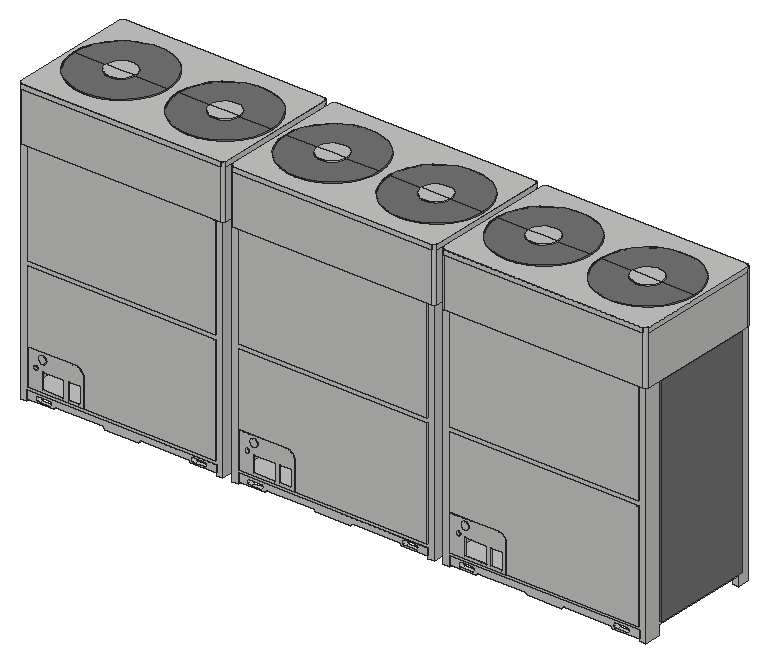
Revit family "Heat_Pump-Split_System-Outdoor-JCI-Triple_Unit-32-36 _ton-Heat_Recovery", category Mechanical Equipment, Revit 2014
Parameters (values of type "208v - 32 ton Cooling Capacity")
  Width = 30 1/2"
  Voltage = 208 V
  Visibility 2 = Total Cooling Capacity > 46356.7 VA  # yes
  Visibility 1 = Total Cooling Capacity > 21101.1 VA  # yes
  Unit Separation [instance] = 13/16"
  URL = "www.johnsoncontrols.com"
  Type Comments = "208v - 32 ton Cooling Capacity"
  Total Heating Capacity = 432000.0 Btu/h
  Total Cooling Capacity = 384000.0 Btu/h
  Sub Unit 2 Model = "(H,Y)VAHR120B32S"
  Sub Unit 2 Length = 48 5/8"
  Sub Unit 2 Knockout Power 2 [instance] = no
  Sub Unit 2 Knockout Power 3 [instance] = no
  Sub Unit 2 Knockout Power 1 [instance] = yes
  Sub Unit 2 Knockout Front [instance] = yes
  Sub Unit 2 Knockout Bottom [instance] = not(Sub Unit 2 Knockout Front)  # no
  Sub Unit 2 KO Power X Offset Label [instance] = if(Sub Unit 2 Knockout Power 1, Sub Unit 2 KO Power X Offset 1, if(Sub Unit 2 Knockout Power 2, Sub Unit 2 KO Power X Offset 2, if(Sub Unit 2 Knockout Power 3, Sub Unit 2 KO Power X Offset 3, 0")))  # 5 3/16"
  Sub Unit 2 KO Power X Offset 3 = 10 15/16"
  Sub Unit 2 KO Power X Offset 2 = 8 3/8"
  Sub Unit 2 KO Power X Offset 1 = 5 3/16"
  Sub Unit 2 KO Power Radius [instance] = Sub Unit 2 KO Power Diameter / 2  # 7/8"
  Sub Unit 2 KO Power Diameter [instance] = if(Sub Unit 2 Knockout Power 1, 1 3/4", if(Sub Unit 2 Knockout Power 2, 1 3/8", 7/8"))  # 1 3/4"
  Sub Unit 2 KO Controls X Offset = 3 5/8"
  Sub Unit 2 DX Suction Gas X Offset = 9 7/16"
  Sub Unit 2 DX Suction Gas Radius = Sub Unit 2 DX Suction Gas Diameter / 2  # 7/16"
  Sub Unit 2 DX Suction Gas Diameter = 7/8"
  Sub Unit 2 DX Liquid X Offset = 7 3/8"
  Sub Unit 2 DX Liquid Radius = Sub Unit 2 DX Liquid Diameter / 2  # 1/4"
  Sub Unit 2 DX Liquid Diameter = 1/2"
  Sub Unit 2 DX Discharge Gas X Offset = 12 11/16"
  Sub Unit 2 DX Discharge Gas Radius = Sub Unit 2 DX Discharge Gas Diameter / 2  # 9/16"
  Sub Unit 2 DX Discharge Gas Diameter = 1 1/8"
  Sub Unit 2 = Heat_Pump-Split_System-Outdoor-JCI-Single_Unit-6-16 _ton-Heat_Recovery to be nested : 10 ton Cooling Capacity
  Sub 2 Minimum Circuit Current = 46 A
  Sub 2 Maximum Overcurrent Protection = 60 A
  Shroud Radius = Shroud Diameter / 2  # 14 3/8"
  Shroud Diameter = if(and(Total Cooling Capacity < 48356.7 VA, Total Cooling Capacity > 21101.1 VA), 22", 28 3/4")  # 28 3/4"
  Refrigerant Used = "R410A"
  Product Page URL = ""
  Product Name = "(H,Y)VAHR384B32S"
  Product Documentation Link = ""
  Power Factor = 0.8
  Pipe Material = Metal - JCI - Brass SU
  Phase = 3
  Panel 2 Width = 15 9/32"  # constant formula
  Operating Weight = 2165.00 lbf
  Offset = 0"
  Number of Poles = 3
  Model = Product Name  # "(H,Y)VAHR384B32S"
  Main Unit Model = "(H,Y)VAHR144B32S"
  Main Maximum Overcurrent Protection = 70 A
  Main Minimum Circuit Current = 58 A
  Manufacturer = "Johnson Controls Incorporated"
  Load Classification = HVAC
  Length 9 [instance] = if(Clearance Zones, Clearance Top, 0")  # 0"
  Length 8 [instance] = if(Clearance Zones, Clearance Back, 0")  # 0"
  Length 7 [instance] = if(Clearance Zones, Clearance Front, 0")  # 0"
  Length 6 [instance] = if(Clearance Zones, Clearance Right, 0")  # 0"
  Length 5 [instance] = if(Clearance Zones, Clearance Left, 0")  # 0"
  Length 4 = Height - 1"  # 65 1/4"
  Length 3 = 5/32"
  Length 2 = 0.063"
  Length 1 = 11/16"
  Length [instance] = Main Unit Length + Unit Separation * 2 + Sub Unit 1 Length + Sub Unit 2 Length  # 147 1/2"
  Main Unit KO Power X Offset 3 = 10 15/16"
  Main Unit KO Power X Offset 2 = 8 3/8"
  Main Unit KO Power X Offset 1 = 5 3/16"
  Main Unit KO Controls X Offset = 3 5/8"
  KO Controls Radius = KO Controls Diameter / 2  # 7/16"
  KO Controls Diameter = 7/8"
  Main Unit KO Power X Offset Label [instance] = if(Main Unit Knockout Power 1, Main Unit KO Power X Offset 1, if(Main Unit Knockout Power 2, Main Unit KO Power X Offset 2, if(Main Unit Knockout Power 3, Main Unit KO Power X Offset 3, 0")))  # 5 3/16"
  Main Unit KO Power Radius [instance] = Main Unit KO Power Diameter / 2  # 7/8"
  Main Unit KO Power Diameter [instance] = if(Main Unit Knockout Power 1, 1 3/4", if(Main Unit Knockout Power 2, 1 3/8", 7/8"))  # 1 3/4"
  Main Unit Length = 48 5/8"
  Main Unit = Heat_Pump-Split_System-Outdoor-JCI-Single_Unit-6-16 _ton-Heat_Recovery to be nested : 12 ton Cooling Capacity
  Main Unit Knockout Power 3 [instance] = no
  Main Unit Knockout Power 2 [instance] = no
  Main Unit Knockout Power 1 [instance] = yes
  Length 11 [instance] = if(Main Unit Knockout Bottom, 9 13/16", 9 15/16")  # 9 15/16"
  Main Unit Knockout Front [instance] = yes
  Main Unit Knockout Bottom [instance] = not(Main Unit Knockout Front)  # no
  Height = 66 1/4"
  Grille Material = Metal - JCI - Grille Square SU
  Frequency = 60 Hz
  Sub Unit 1 Model = "(H,Y)VAHR120B32S"
  Sub Unit 1 KO Controls X Offset = 3 5/8"
  Sub Unit 1 DX Suction Gas Radius = Sub Unit 1 DX Suction Gas Diameter / 2  # 7/16"
  Sub Unit 1 Length = 48 5/8"
  Sub Unit 1 Knockout Power 3 [instance] = no
  Sub Unit 1 Knockout Power 2 [instance] = no
  Sub Unit 1 Knockout Power 1 [instance] = yes
  Sub Unit 1 Knockout Front [instance] = yes
  Sub Unit 1 Knockout Bottom [instance] = not(Sub Unit 1 Knockout Front)  # no
  Sub Unit 1 KO Power X Offset Label [instance] = if(Sub Unit 1 Knockout Power 1, Sub Unit 1 KO Power X Offset 1, if(Sub Unit 1 Knockout Power 2, Sub Unit 1 KO Power X Offset 2, if(Sub Unit 1 Knockout Power 3, Sub Unit 1 KO Power X Offset 3, 0")))  # 5 3/16"
  Sub Unit 1 KO Power X Offset 3 = 10 15/16"
  Sub Unit 1 KO Power X Offset 2 = 8 3/8"
  Sub Unit 1 KO Power X Offset 1 = 5 3/16"
  Sub Unit 1 KO Power Radius [instance] = Sub Unit 1 KO Power Diameter / 2  # 7/8"
  Sub Unit 1 KO Power Diameter [instance] = if(Sub Unit 1 Knockout Power 1, 1 3/4", if(Sub Unit 1 Knockout Power 2, 1 3/8", 7/8"))  # 1 3/4"
  Sub Unit 1 DX Suction Gas X Offset = 9 7/16"
  Sub Unit 1 DX Suction Gas Diameter = 7/8"
  Sub Unit 1 DX Liquid X Offset = 7 3/8"
  Sub Unit 1 DX Liquid Radius = Sub Unit 1 DX Liquid Diameter / 2  # 1/4"
  Sub Unit 1 DX Liquid Diameter = 1/2"
  Sub Unit 1 DX Discharge Gas Radius = Sub Unit 1 DX Discharge Gas Diameter / 2  # 9/16"
  Sub Unit 1 DX Discharge Gas Diameter = 1 1/8"
  Sub Unit 1 DX Discharge Gas X Offset = 12 11/16"
  Sub Unit 1 = Heat_Pump-Split_System-Outdoor-JCI-Single_Unit-6-16 _ton-Heat_Recovery to be nested : 10 ton Cooling Capacity
  Sub 1 Minimum Circuit Current = 46 A
  Sub 1 Maximum Overcurrent Protection = 60 A
  Description = "Outdoor Triple Unit Variable Refrigerant Flow with Heat Recovery"
  Main Unit DX Suction Gas X Offset = 9 7/16"
  Main Unit DX Suction Gas Radius = Main Unit DX Suction Gas Diameter / 2  # 7/16"
  Main Unit DX Suction Gas Diameter = 7/8"
  DX Liquid Z Offset = 10 11/32"
  DX Liquid Y Offset = 5 3/16"
  Main Unit DX Liquid X Offset = 7 3/8"
  Main Unit DX Liquid Radius = Main Unit DX Liquid Diameter / 2  # 5/16"
  Main Unit DX Liquid Diameter = 5/8"
  DX Gas Z Offset = 6 25/32"
  DX Gas Y Offset = 5 31/32"
  Main Unit DX Discharge Gas X Offset = 12 11/16"
  Main Unit DX Discharge Gas Radius = Main Unit DX Discharge Gas Diameter / 2  # 9/16"
  Main Unit DX Discharge Gas Diameter = 1 1/8"
  Copyright © = "Copyright © 2001-2017 Johnson Controls"  # constant formula
  Clearance Zones [instance] = no
  Clearance Top = 59 1/2"
  Clearance Right = 7 7/8"
  Clearance Material = Clearance Zones
  Clearance Left = 7 7/8"
  Clearance Front = 19 11/16"
  Clearance Back = 11 13/16"
  Body Material = Paint - JCI - Silky Shade SU
  Body Inset = 5/16"
  Base Material = Metal - JCI - Base Steel SU
  Assembly Code = "D3030200"
  Apparent Load 3 = Voltage * Sub 2 Minimum Circuit Current / Power Factor  # 11960 VA
  Apparent Load 2 = Voltage * Sub 1 Minimum Circuit Current / Power Factor  # 11960 VA
  Apparent Load 1 = Voltage * Main Minimum Circuit Current / Power Factor  # 15080 VA
Reference planes (in)
  plane 1 "Center (Front/Back)": y = 0
  plane 2: z = 0
  plane 3 "Center (Left/Right)": x = 0
  plane 4 "Left": x = -73.75
  plane 5 "Right": x = 73.75
  plane 6 "Back": y = 15.25
  plane 7 "Front": y = -15.25
  plane 8 "lid left": x = -73.4375
  plane 9 "Bottom": z = 0
  plane 10 "Top": z = 66.25
  plane 11 "body 1 left": x = -73.125
  plane 12 "panel front": y = -15.0005
  plane 13 "fan top": z = 66.5
  plane 14 "clearance back": y = 15.25
  plane 15 "clearance front": y = -15.25
  plane 16 "clearance left": x = -73.75
  plane 17 "clearance right": x = 73.75
  plane 18 "clearance top": z = 66.25
  plane 19: y = 0.05208
  plane 20 "dx liquid x cl": x = -65.75
  plane 21 "dx gas suction x cl": x = -63.6875
  plane 22 "dx gas discharge x cl": x = -60.4375
  plane 23 "dx liquid y cl": y = -10.0625
  plane 24 "dx gas y cl": y = -9.28125
  plane 25 "dx gas z bottom": z = 6.78125
  plane 26 "dx liquid z bottom": z = 10.34375
  plane 27 "front dummy": y = -15.25
  plane 28 "header right": x = -25.125
  plane 29 "follower left": x = -24.3125
  plane 30 "lid 2 left": x = -24
  plane 31 "body 2 left": x = -23.6875
  plane 32: x = -16.3125
  plane 33: x = -14.25
  plane 34: x = -11
  plane 35: x = 24.3125
  plane 36 "follower 2 left": x = 25.125
  plane 37: x = 32.5
  plane 38: x = 34.5625
  plane 39: x = 37.8125
  plane 40 "follower 2 body left": x = 25.75
  plane 41: x = 25.4375
Forms (in)
  Extrusion 1, solid, material "Clearance Zones" <- "Clearance Material", visible <- "Clearance Zones"
    sketch origin (0, 0, 0) x (-1, 0, 0) y (0, -1, 0)
      loop
        line (73.75, -15.25) -> (73.75, 15.25) -> (-73.75, 15.25) -> (-73.75, -15.25) -> (73.75, -15.25)
    from 0 to 66.25
  Extrusion 2, solid, material "Metal - JCI - Brass SU" <- "Pipe Material", detail levels medium+fine
    sketch origin (-60.79778, -180, 6.78125) x (-1, 0, 0) y (0, -1, 0)
      loop
        circle (2.88972, -170.71875) r 0.4375
      loop
        circle (-0.36028, -170.71875) r 0.5625
      loop
        circle (-46.54778, -170.71875) r 0.4375
      loop
        circle (-49.79778, -170.71875) r 0.5625
      loop
        circle (-95.36028, -170.71875) r 0.4375
      loop
        circle (-98.61028, -170.71875) r 0.5625
    from 0 to 4.71625
  Extrusion 3, solid, material "Metal - JCI - Brass SU" <- "Pipe Material", detail levels medium+fine
    sketch origin (-60.79778, -180, 10.34375) x (-1, 0, 0) y (0, -1, 0)
      loop
        circle (4.95222, -169.9375) r 0.3125
      loop
        circle (-44.48528, -169.9375) r 0.25
      loop
        circle (-93.29778, -169.9375) r 0.25
    from 1.15375 to 0
  Extrusion 4, solid, material "Paint - JCI - Silky Shade SU" <- "Body Material", detail levels medium+fine
    sketch origin (-38.06929, -15.0005, 48) x (-1, 0, 0) y (0, 0, 1)
      loop
        circle (31.43071, -40.1875) r 0.4375
      loop
        circle (29.86821, -38.0625) r 0.875
      loop
        circle (-18.00679, -40.1875) r 0.4375
      loop
        circle (-19.56929, -38.0625) r 0.875
      loop
        circle (-67.44429, -40.1875) r 0.4375
      loop
        circle (-69.00679, -38.0625) r 0.875
    from 0 to 1
Lines and regions (in)
  Masking region 1, detail levels coarse
    outline origin (0, 0, 0) x (1, 0, 0) y (0, 0, 1)
      loop
        line (-73.75, 66.5) -> (-73.75, 0) -> (73.75, 0) -> (73.75, 66.5) -> (-73.75, 66.5)
  symbolic lines, style "Clearance Zones", visible <- "Clearance Zones"
    curve 1: line (-73.75, 15.25, 53.62) -> (73.75, 15.25, 53.62)
    curve 2: line (-73.75, -15.25, 53.62) -> (-73.75, 15.25, 53.62)
    curve 3: line (73.75, -15.25, 53.62) -> (-73.75, -15.25, 53.62)
    curve 4: line (73.75, 15.25, 53.62) -> (73.75, -15.25, 53.62)
    curve 5: line (-73.75, 0, 66.25) -> (73.75, 0, 66.25)
    curve 6: line (-73.75, 0, 0) -> (-73.75, 0, 66.25)
    curve 7: line (73.75, 0, 0) -> (-73.75, 0, 0)
    curve 8: line (73.75, 0, 66.25) -> (73.75, 0, 0)
    curve 9: line (0, 15.25, 0) -> (0, 15.25, 66.25)
    curve 10: line (0, -15.25, 0) -> (0, 15.25, 0)
    curve 11: line (0, -15.25, 66.25) -> (0, -15.25, 0)
Dimensions and locks (in)
  equal spacing: plane 4 "Left", plane 3 "Center (Left/Right)", plane 5 "Right"
  "Length": plane 4 "Left" to plane 5 "Right"
  equal spacing: plane 6 "Back", plane 1 "Center (Front/Back)", plane 7 "Front"
  "Width": plane 6 "Back" to plane 7 "Front"
  locked: plane 4 "Left" to plane 8 "lid left" at 0.3125
  "Height": plane 10 "Top" to plane 9 "Bottom"
  "Offset": plane 9 "Bottom" to level
  "Body Inset": plane 8 "lid left" to plane 11 "body 1 left"
  locked: plane 13 "fan top" to plane 10 "Top" at 0.25
  "Length 5": plane 16 "clearance left" to plane 4 "Left"
  "Length 6": plane 5 "Right" to plane 17 "clearance right"
  "Length 8": plane 14 "clearance back" to plane 6 "Back"
  "Length 7": plane 27 "front dummy" to plane 15 "clearance front"
  "Length 9": plane 18 "clearance top" to plane 10 "Top"
  "Main Unit DX Liquid X Offset": plane 11 "body 1 left" to plane 20 "dx liquid x cl"
  "Main Unit DX Suction Gas X Offset": plane 11 "body 1 left" to plane 21 "dx gas suction x cl"
  "Main Unit DX Discharge Gas X Offset": plane 11 "body 1 left" to plane 22 "dx gas discharge x cl"
  "DX Liquid Y Offset": plane 23 "dx liquid y cl" to plane 7 "Front"
  "DX Gas Y Offset": plane 24 "dx gas y cl" to plane 7 "Front"
  "DX Gas Z Offset": plane 25 "dx gas z bottom" to plane 9 "Bottom"
  "DX Liquid Z Offset": plane 26 "dx liquid z bottom" to plane 9 "Bottom"
  "Main Unit KO Controls X Offset": Extrusion 4 sketch curve to plane 11 "body 1 left"
  locked: Extrusion 4 sketch curve to plane 9 "Bottom" at 7.8125  (x3)
  locked: Extrusion 4 sketch curve to plane 9 "Bottom" at 9.9375  (x3)
  "Main Unit KO Power X Offset Label": Extrusion 4 sketch curve to plane 11 "body 1 left"
  "Main Unit Length": plane 4 "Left" to plane 28 "header right"
  "Unit Separation": plane 28 "header right" to plane 29 "follower left"
  "Body Inset": plane 30 "lid 2 left" to plane 31 "body 2 left"
  locked: plane 29 "follower left" to plane 30 "lid 2 left" at 0.3125
  "Sub Unit 1 DX Liquid X Offset": plane 31 "body 2 left" to plane 32
  "Sub Unit 1 DX Suction Gas X Offset": plane 31 "body 2 left" to plane 33
  "Sub Unit 1 DX Discharge Gas X Offset": plane 31 "body 2 left" to plane 34
  "Sub Unit 1 KO Power X Offset Label": Extrusion 4 sketch curve to plane 31 "body 2 left"
  "Sub Unit 1 KO Controls X Offset": Extrusion 4 sketch curve to plane 31 "body 2 left"
  "Sub Unit 1 Length": plane 29 "follower left" to plane 35
  "Unit Separation": plane 35 to plane 36 "follower 2 left"
  "Sub Unit 2 DX Liquid X Offset": plane 36 "follower 2 left" to plane 37
  "Sub Unit 2 DX Suction Gas X Offset": plane 36 "follower 2 left" to plane 38
  "Sub Unit 2 DX Discharge Gas X Offset": plane 36 "follower 2 left" to plane 39
  "Sub Unit 2 KO Controls X Offset": Extrusion 4 sketch curve to plane 40 "follower 2 body left"
  "Sub Unit 2 KO Power X Offset Label": Extrusion 4 sketch curve to plane 40 "follower 2 body left"
  locked: plane 36 "follower 2 left" to plane 41 at 0.3125
  "Body Inset": plane 41 to plane 40 "follower 2 body left"
  "Main Unit DX Discharge Gas Radius": radius of Extrusion 2 sketch curve
  "Main Unit DX Suction Gas Radius": radius of Extrusion 2 sketch curve
  "Main Unit DX Liquid Radius": radius of Extrusion 3 sketch curve
  "KO Controls Radius": radius of Extrusion 4 sketch curve  (x3)
  "Main Unit KO Power Radius": radius of Extrusion 4 sketch curve
  "Sub Unit 1 DX Discharge Gas Radius": radius of Extrusion 2 sketch curve
  "Sub Unit 1 DX Suction Gas Radius": radius of Extrusion 2 sketch curve
  "Sub Unit 1 DX Liquid Radius": radius of Extrusion 3 sketch curve
  "Sub Unit 1 KO Power Radius": radius of Extrusion 4 sketch curve
  "Sub Unit 2 DX Discharge Gas Radius": radius of Extrusion 2 sketch curve
  "Sub Unit 2 DX Suction Gas Radius": radius of Extrusion 2 sketch curve
  "Sub Unit 2 DX Liquid Radius": radius of Extrusion 3 sketch curve
  "Sub Unit 2 KO Power Radius": radius of Extrusion 4 sketch curve
  aligned and locked: level to plane 2
  aligned and locked: Extrusion 1 sketch curve to plane 14 "clearance back"
  aligned and locked: plane 16 "clearance left" to Extrusion 1 sketch curve
  aligned and locked: Extrusion 1 sketch curve to plane 15 "clearance front"
  aligned and locked: Extrusion 1 sketch curve to plane 17 "clearance right"
  aligned and locked: curve 4 to plane 17 "clearance right"
  aligned and locked: plane 16 "clearance left" to curve 2
  aligned and locked: curve 3 to plane 15 "clearance front"
  aligned and locked: curve 1 to plane 14 "clearance back"
  aligned and locked: plane 18 "clearance top" to Extrusion 1
  aligned and locked: Extrusion 1 to plane 9 "Bottom"
  aligned and locked: plane 16 "clearance left" to curve 6
  aligned and locked: curve 8 to plane 17 "clearance right"
  aligned and locked: curve 5 to plane 18 "clearance top"
  aligned and locked: curve 7 to plane 9 "Bottom"
  aligned and locked: curve 9 to plane 14 "clearance back"
  aligned and locked: plane 15 "clearance front" to curve 11
  aligned and locked: plane 9 "Bottom" to curve 10
  aligned and locked: Masking region 1 sketch curve to plane 13 "fan top"
  aligned and locked: plane 4 "Left" to Masking region 1 sketch curve
  aligned and locked: Masking region 1 sketch curve to plane 5 "Right"
  aligned and locked: Masking region 1 sketch curve to plane 9 "Bottom"
  aligned and locked: plane 24 "dx gas y cl" to Extrusion 2 sketch curve  (x2)
  aligned and locked: plane 21 "dx gas suction x cl" to Extrusion 2 sketch curve
  aligned and locked: plane 22 "dx gas discharge x cl" to Extrusion 2 sketch curve
  aligned and locked: Extrusion 2 to plane 25 "dx gas z bottom"
  aligned and locked: plane 23 "dx liquid y cl" to Extrusion 3 sketch curve
  aligned and locked: plane 20 "dx liquid x cl" to Extrusion 3 sketch curve
  aligned and locked: Extrusion 3 to plane 26 "dx liquid z bottom"
  aligned and locked: plane 27 "front dummy" to plane 7 "Front"
  aligned and locked: nested 1 to plane 1 "Center (Front/Back)"
  aligned and locked: plane 4 "Left" to nested 1
  aligned and locked: nested 2 to plane 29 "follower left"
  aligned and locked: plane 1 "Center (Front/Back)" to nested 2
  aligned and locked: plane 34 to Extrusion 2 sketch curve
  aligned and locked: Extrusion 2 sketch curve to plane 24 "dx gas y cl"  (x4)
  aligned and locked: plane 33 to Extrusion 2 sketch curve
  aligned and locked: plane 32 to Extrusion 3 sketch curve
  aligned and locked: Extrusion 3 sketch curve to plane 23 "dx liquid y cl"  (x2)
  aligned and locked: plane 25 "dx gas z bottom" to Extrusion 2
  aligned and locked: plane 1 "Center (Front/Back)" to nested 3
  aligned and locked: plane 36 "follower 2 left" to nested 3
  aligned and locked: plane 38 to Extrusion 2 sketch curve
  aligned and locked: plane 39 to Extrusion 2 sketch curve
  aligned and locked: plane 37 to Extrusion 3 sketch curve
Automatic sketch dimensions
  curve 11 to plane 10 "Top" = 0"
  curve 9 to plane 10 "Top" = 0"
Nested families (in)
  nested 1: "Heat_Pump-Split_System-Outdoor-JCI-Single_Unit-6-16 _ton-Heat_Recovery to be nested" at (-49.4375, 0, 0), type <- "Main Unit", Knockout Power 3 <- "Main Unit Knockout Power 3", Knockout Power 2 <- "Main Unit Knockout Power 2", Knockout Power 1 <- "Main Unit Knockout Power 1", Knockout Front <- "Main Unit Knockout Front", type "12 ton Cooling Capacity"
    with Length 14 14 3/4", Length 13 3", Length 12 1/4", Length 11 9 15/16", Length 10 1 31/32", Knockout Power 3 no, Knockout Power 2 no, Knockout Power 1 yes, Knockout Front yes, Knockout Bottom no, KO Z Offset 5 9/16", KO Y Offset 0", KO Power X Offset 5 3/16", KO Power Radius 7/8", KO Power Diameter 1 3/4", KO Height 3 15/16", Fan 2 X Offset 12 5/32", Fan 1 X Offset 12 5/32", Clearance Zones yes, Angle 2 90.00°, Angle 1 90.00°, Visibility 1 yes, Total Cooling Capacity 144000.0 Btu/h, Shroud Radius 11", Shroud Diameter 22", Operating Weight 723.00 lbf, Length 48 5/8", KO Power X Offset 3 10 15/16", KO Power X Offset 2 8 3/8", KO Power X Offset 1 5 3/16", KO Controls X Offset 3 5/8", KO 2 X Offset 11 1/4", KO 1 X Offset 5 3/16"
  nested 2: "Heat_Pump-Split_System-Outdoor-JCI-Single_Unit-6-16 _ton-Heat_Recovery to be nested" at (0, 0, 0), type <- "Sub Unit 1", Knockout Power 3 <- "Sub Unit 1 Knockout Power 3", Knockout Power 2 <- "Sub Unit 1 Knockout Power 2", Knockout Power 1 <- "Sub Unit 1 Knockout Power 1", Knockout Front <- "Sub Unit 1 Knockout Front", type "10 ton Cooling Capacity"
    with Length 14 14 3/4", Length 13 3", Length 12 1/4", Length 11 9 15/16", Length 10 1 31/32", Knockout Power 3 no, Knockout Power 2 no, Knockout Power 1 yes, Knockout Front yes, Knockout Bottom no, KO Z Offset 5 9/16", KO Y Offset 0", KO Power X Offset 5 3/16", KO Power Radius 7/8", KO Power Diameter 1 3/4", KO Height 3 15/16", Fan 2 X Offset 12 5/32", Fan 1 X Offset 12 5/32", Clearance Zones no, Angle 2 90.00°, Angle 1 90.00°, Visibility 1 yes, Total Cooling Capacity 120000.0 Btu/h, Shroud Radius 11", Shroud Diameter 22", Operating Weight 721.00 lbf, Length 48 5/8", KO Power X Offset 3 10 15/16", KO Power X Offset 2 8 3/8", KO Power X Offset 1 5 3/16", KO Controls X Offset 3 5/8", KO 2 X Offset 11 1/4", KO 1 X Offset 5 3/16"
  nested 3: "Heat_Pump-Split_System-Outdoor-JCI-Single_Unit-6-16 _ton-Heat_Recovery to be nested" at (49.4375, 0, 0), type <- "Sub Unit 2", Knockout Power 3 <- "Sub Unit 2 Knockout Power 3", Knockout Power 2 <- "Sub Unit 2 Knockout Power 2", Knockout Power 1 <- "Sub Unit 2 Knockout Power 1", Knockout Front <- "Sub Unit 2 Knockout Front", type "10 ton Cooling Capacity"
    with Length 14 14 3/4", Length 13 3", Length 12 1/4", Length 11 9 15/16", Length 10 1 31/32", Knockout Power 3 no, Knockout Power 2 no, Knockout Power 1 yes, Knockout Front yes, Knockout Bottom no, KO Z Offset 5 9/16", KO Y Offset 0", KO Power X Offset 5 3/16", KO Power Radius 7/8", KO Power Diameter 1 3/4", KO Height 3 15/16", Fan 2 X Offset 12 5/32", Fan 1 X Offset 12 5/32", Clearance Zones no, Angle 2 90.00°, Angle 1 90.00°, Visibility 1 yes, Total Cooling Capacity 120000.0 Btu/h, Shroud Radius 11", Shroud Diameter 22", Operating Weight 721.00 lbf, Length 48 5/8", KO Power X Offset 3 10 15/16", KO Power X Offset 2 8 3/8", KO Power X Offset 1 5 3/16", KO Controls X Offset 3 5/8", KO 2 X Offset 11 1/4", KO 1 X Offset 5 3/16"
Connectors (in)
  piping at (-65.75, -10.0625, 10.34375), diameter 0.625, driven by "Main Unit DX Liquid Diameter"
    settings: on Extrusion 3, index 1, connector inside diameter 24", connector length 0", flow factor 0, pipe flow 0 GPM, pressure drop 0.00 psi, fitting loss kfactor 0, connector angle 0.00°, fixture units 0, engagement length 0", angle of deflection 0.00°, flow configuration 0, flow direction 0, fitting loss method 0, system type 22, joint type 0, gender type 0, connector reference index -1, connector utility 0, adjustable connector no, is connector primary yes, connector description "Main Unit Refrigerant Liquid"
  piping at (-63.6875, -9.28125, 6.78125), diameter 0.875, driven by "Main Unit DX Suction Gas Diameter"
    settings: on Extrusion 2, index 2, connector inside diameter 24", connector length 0", flow factor 0, pipe flow 0 GPM, pressure drop 0.00 psi, fitting loss kfactor 0, connector angle 0.00°, fixture units 0, engagement length 0", angle of deflection 0.00°, flow configuration 0, flow direction 0, fitting loss method 0, system type 22, joint type 0, gender type 0, connector reference index -1, connector utility 0, adjustable connector no, is connector primary no, connector description "Main Unit Refrigerant Gas Suction"
  electrical at (-69.5, -15.0005, 7.8125)
    settings: on Extrusion 4, index 6, voltage 0 V, apparent load 0 VA, apparent load phase1 0 VA, apparent load phase2 0 VA, apparent load phase3 0 VA, power factor 1, load classification "Other", number of poles 1, system type 13, power factor state 1, is connector primary yes, connector utility no, sub classification motor no, connector description "Main Unit Controls"
  cabletrayconduit at (-69.5, -15.0005, 7.8125), diameter 0.875, driven by "KO Controls Diameter"
    settings: on Extrusion 4, index 7, connector width 12", connector height 12", connector angle 0.00°, system type 32, placement type 0, profile type 0, connector reference index -1, is primary connector yes, connector utility param no, connector description "Main Unit Controls Conduit"
  electrical at (-67.9375, -15.0005, 9.9375), driven by "Number of Poles", driven by "Load Classification", driven by "Voltage", driven by "Apparent Load 1", driven by "Power Factor"
    settings: on Extrusion 4, index 8, voltage 208 V, apparent load 15080 VA, apparent load phase1 0 VA, apparent load phase2 0 VA, apparent load phase3 0 VA, power factor 0.8, load classification "HVAC", number of poles 3, system type 30, power factor state 1, is connector primary no, connector utility no, sub classification motor no, connector description "Main Unit Power"
  cabletrayconduit at (-67.9375, -15.0005, 9.9375), diameter 1.75, driven by "Main Unit KO Power Diameter"
    settings: on Extrusion 4, index 9, connector width 12", connector height 12", connector angle 0.00°, system type 32, placement type 0, profile type 0, connector reference index -1, is primary connector no, connector utility param no, connector description "Main Unit Power Conduit"
  piping at (-60.4375, -9.28125, 6.78125), diameter 1.125, driven by "Main Unit DX Discharge Gas Diameter"
    settings: on Extrusion 2, index 10, connector inside diameter 24", connector length 0", flow factor 0, pipe flow 0 GPM, pressure drop 0.00 psi, fitting loss kfactor 0, connector angle 0.00°, fixture units 0, engagement length 0", angle of deflection 0.00°, flow configuration 0, flow direction 0, fitting loss method 0, system type 22, joint type 0, gender type 0, connector reference index -1, connector utility 0, adjustable connector no, is connector primary no, connector description "Main Unit Refrigerant Gas Discharge"
  electrical at (-20.0625, -15.0005, 7.8125)
    settings: on Extrusion 4, index 11, voltage 0 V, apparent load 0 VA, apparent load phase1 0 VA, apparent load phase2 0 VA, apparent load phase3 0 VA, power factor 1, load classification "Other", number of poles 1, system type 13, power factor state 1, is connector primary no, connector utility no, sub classification motor no, connector description "Sub Unit 1 Controls"
  electrical at (-18.5, -15.0005, 9.9375), driven by "Number of Poles", driven by "Load Classification", driven by "Voltage", driven by "Power Factor", driven by "Apparent Load 2"
    settings: on Extrusion 4, index 12, voltage 208 V, apparent load 11960 VA, apparent load phase1 0 VA, apparent load phase2 0 VA, apparent load phase3 0 VA, power factor 0.8, load classification "HVAC", number of poles 3, system type 30, power factor state 1, is connector primary no, connector utility no, sub classification motor no, connector description "Sub Unit 1 Power"
  cabletrayconduit at (-20.0625, -15.0005, 7.8125), diameter 0.875, driven by "KO Controls Diameter"
    settings: on Extrusion 4, index 13, connector width 12", connector height 12", connector angle 0.00°, system type 32, placement type 0, profile type 0, connector reference index -1, is primary connector no, connector utility param no, connector description "Sub Unit 1Controls Conduit"
  cabletrayconduit at (-18.5, -15.0005, 9.9375), diameter 1.75, driven by "Sub Unit 1 KO Power Diameter"
    settings: on Extrusion 4, index 14, connector width 12", connector height 12", connector angle 0.00°, system type 32, placement type 0, profile type 0, connector reference index -1, is primary connector no, connector utility param no, connector description "Sub Unit 1Power Conduit"
  piping at (-16.3125, -10.0625, 10.34375), diameter 0.5, driven by "Sub Unit 1 DX Liquid Diameter"
    settings: on Extrusion 3, index 15, connector inside diameter 24", connector length 0", flow factor 0, pipe flow 0 GPM, pressure drop 0.00 psi, fitting loss kfactor 0, connector angle 0.00°, fixture units 0, engagement length 0", angle of deflection 0.00°, flow configuration 0, flow direction 0, fitting loss method 0, system type 22, joint type 0, gender type 0, connector reference index -1, connector utility 0, adjustable connector no, is connector primary no, connector description "Sub Unit 1 Refrigerant Liquid"
  piping at (-14.25, -9.28125, 6.78125), diameter 0.875, driven by "Sub Unit 1 DX Suction Gas Diameter"
    settings: on Extrusion 2, index 16, connector inside diameter 24", connector length 0", flow factor 0, pipe flow 0 GPM, pressure drop 0.00 psi, fitting loss kfactor 0, connector angle 0.00°, fixture units 0, engagement length 0", angle of deflection 0.00°, flow configuration 0, flow direction 0, fitting loss method 0, system type 22, joint type 0, gender type 0, connector reference index -1, connector utility 0, adjustable connector no, is connector primary no, connector description "Sub Unit 1 Refrigerant Gas Suction"
  piping at (-11, -9.28125, 6.78125), diameter 1.125, driven by "Sub Unit 1 DX Discharge Gas Diameter"
    settings: on Extrusion 2, index 17, connector inside diameter 24", connector length 0", flow factor 0, pipe flow 0 GPM, pressure drop 0.00 psi, fitting loss kfactor 0, connector angle 0.00°, fixture units 0, engagement length 0", angle of deflection 0.00°, flow configuration 0, flow direction 0, fitting loss method 0, system type 22, joint type 0, gender type 0, connector reference index -1, connector utility 0, adjustable connector no, is connector primary no, connector description "Sub Unit 1 Refrigerant Gas Discharge"
  piping at (34.5625, -9.28125, 6.78125), diameter 0.875, driven by "Sub Unit 2 DX Suction Gas Diameter"
    settings: on Extrusion 2, index 18, connector inside diameter 24", connector length 0", flow factor 0, pipe flow 0 GPM, pressure drop 0.00 psi, fitting loss kfactor 0, connector angle 0.00°, fixture units 0, engagement length 0", angle of deflection 0.00°, flow configuration 0, flow direction 0, fitting loss method 0, system type 22, joint type 0, gender type 0, connector reference index -1, connector utility 0, adjustable connector no, is connector primary no, connector description "Sub Unit 2 Refrigerant Gas Suction"
  piping at (37.8125, -9.28125, 6.78125), diameter 1.125, driven by "Sub Unit 2 DX Discharge Gas Diameter"
    settings: on Extrusion 2, index 19, connector inside diameter 24", connector length 0", flow factor 0, pipe flow 0 GPM, pressure drop 0.00 psi, fitting loss kfactor 0, connector angle 0.00°, fixture units 0, engagement length 0", angle of deflection 0.00°, flow configuration 0, flow direction 0, fitting loss method 0, system type 22, joint type 0, gender type 0, connector reference index -1, connector utility 0, adjustable connector no, is connector primary no, connector description "Sub Unit 2 Refrigerant Gas Discharge"
  piping at (32.5, -10.0625, 10.34375), diameter 0.5, driven by "Sub Unit 2 DX Liquid Diameter"
    settings: on Extrusion 3, index 20, connector inside diameter 24", connector length 0", flow factor 0, pipe flow 0 GPM, pressure drop 0.00 psi, fitting loss kfactor 0, connector angle 0.00°, fixture units 0, engagement length 0", angle of deflection 0.00°, flow configuration 0, flow direction 0, fitting loss method 0, system type 22, joint type 0, gender type 0, connector reference index -1, connector utility 0, adjustable connector no, is connector primary no, connector description "Sub Unit 2 Refrigerant Liquid"
  electrical at (29.375, -15.0005, 7.8125)
    settings: on Extrusion 4, index 21, voltage 0 V, apparent load 0 VA, apparent load phase1 0 VA, apparent load phase2 0 VA, apparent load phase3 0 VA, power factor 1, load classification "Other", number of poles 1, system type 13, power factor state 1, is connector primary no, connector utility no, sub classification motor no, connector description "Sub Unit 2 Controls"
  electrical at (30.9375, -15.0005, 9.9375), driven by "Number of Poles", driven by "Load Classification", driven by "Voltage", driven by "Apparent Load 3", driven by "Power Factor"
    settings: on Extrusion 4, index 22, voltage 208 V, apparent load 11960 VA, apparent load phase1 0 VA, apparent load phase2 0 VA, apparent load phase3 0 VA, power factor 0.8, load classification "HVAC", number of poles 3, system type 30, power factor state 1, is connector primary no, connector utility no, sub classification motor no, connector description "Sub Unit 2 Power"
  cabletrayconduit at (29.375, -15.0005, 7.8125), diameter 0.875, driven by "KO Controls Diameter"
    settings: on Extrusion 4, index 23, connector width 12", connector height 12", connector angle 0.00°, system type 32, placement type 0, profile type 0, connector reference index -1, is primary connector no, connector utility param no, connector description "Sub Unit 2 Controls Conduit"
  cabletrayconduit at (30.9375, -15.0005, 9.9375), diameter 1.75, driven by "Sub Unit 2 KO Power Diameter"
    settings: on Extrusion 4, index 24, connector width 12", connector height 12", connector angle 0.00°, system type 32, placement type 0, profile type 0, connector reference index -1, is primary connector no, connector utility param no, connector description "Sub Unit 2 Power Conduit"
Definition of nested family "Heat_Pump-Split_System-Outdoor-JCI-Single_Unit-6-16 _ton-Heat_Recovery to be nested"
  Parameters (values of type "6 ton Cooling Capacity")
    Width = 30 1/2"
    Voltage = 208 V
    Visibility 2 = Total Cooling Capacity > 48356.7 VA  # no
    Visibility 1 = Total Cooling Capacity > 21101.1 VA  # no
    Type Comments = "208v - 6 ton Cooling Capacity"
    Total Cooling Capacity = 72000.0 Btu/h
    Shroud Radius = Shroud Diameter / 2  # 14 3/8"
    Shroud Diameter = if(and(Total Cooling Capacity < 48356.7 VA, Total Cooling Capacity > 21101.1 VA), 22", 28 3/4")  # 28 3/4"
    Refrigerant Used = "R410A"
    Product Page URL = ""
    Product Name = "(H,Y)VAHR072B32S"
    Product Documentation Link = ""
    Power Factor = 0.8
    Pipe Material = Metal - JCI - Brass SU
    Phase = 3
    Panel 2 Width = 15 9/32"  # constant formula
    Operating Weight = 516.00 lbf
    Offset = 0"
    Number of Poles = 2
    Model = Product Name  # "(H,Y)VAHR072B32S"
    Minimum Circuit Current = 29 A
    Maximum Overcurrent Protection = 40 A
    Manufacturer = "Johnson Controls Incorporated"
    Load Classification = HVAC
    Lid Height = 12.63"
    Length 4 = Height - 1"  # 65 1/4"
    Length 3 = 5/32"
    Length 2 = 0.063"
    Length 15 = if(Visibility 2, Panel 2 Width + Length 3, 0")  # 0"
    Length 14 [instance] = KO 2 X Offset + KO 2 Width + 3/4"  # 18 7/16"
    Length 13 [instance] = 3"
    Length 12 [instance] = 1/4"
    Length 10 [instance] = KO Height / 2  # 1 31/32"
    Length 1 = 11/16"
    Length = 38 3/8"
    Leg Width = 1 1/2"
    KO Power X Offset 3 = 14 9/16"
    KO Power X Offset 2 = 12"
    KO Power X Offset 1 = 8 7/8"
    KO Controls X Offset = 7 5/16"
    KO Controls Radius = KO Controls Diameter / 2  # 7/16"
    KO Controls Diameter = 7/8"
    KO Power X Offset [instance] = if(Knockout Power 1, KO Power X Offset 1, if(Knockout Power 2, KO Power X Offset 2, if(Knockout Power 3, KO Power X Offset 3, 0")))  # 8 7/8"
    KO Power Radius [instance] = KO Power Diameter / 2  # 7/8"
    KO Power Diameter [instance] = if(Knockout Power 1, 1 3/4", if(Knockout Power 2, 1 3/8", 7/8"))  # 1 3/4"
    Knockout Power 3 [instance] = no
    Knockout Power 2 [instance] = no
    Knockout Power 1 [instance] = yes
    Length 11 [instance] = if(Knockout Bottom, 9 13/16", 9 15/16")  # 9 15/16"
    KO 2 X Offset = 14 15/16"
    KO Z Offset [instance] = if(Knockout Bottom, Base Height, 5 9/16")  # 5 9/16"
    KO Y Offset [instance] = if(Knockout Bottom, 4 5/16" + Length 10, 0")  # 0"
    Knockout Front [instance] = yes
    Knockout Bottom [instance] = not(Knockout Front)  # no
    KO 2 Width = 2 3/4"
    KO 1 X Offset = 9 7/16"
    KO 1 Width = 5"
    KO Height [instance] = if(Knockout Bottom, 3 1/8", 3 15/16")  # 3 15/16"
    Height = 66 1/4"
    Grille Material = Metal - JCI - Grille Square SU
    Frequency = 60 Hz
    Fan 2 X Offset [instance] = if(Visibility 1, Length / 4, Length)  # 38 3/8"
    Fan 1 X Offset [instance] = if(Visibility 1, Length / 4, 0")  # 0"
    Description = "Outdoor Unit Variable Refrigernat Flow with Heat Recovery"
    Clearance Zones [instance] = yes
    Clearance Material = Clearance Zones
    Body Material = Paint - JCI - Silky Shade SU
    Body Inset = 5/16"
    Base Material = Metal - JCI - Base Steel SU
    Base Height = 2.31"
    Assembly Code = "D3030200"
    Apparent Load = Voltage * Minimum Circuit Current / Power Factor  # 7540 VA
    Angle 2 [instance] = if(Knockout Front, 90.00°, 180.00°)  # 90.00°
    Angle 1 [instance] = if(Knockout Front, 90.00°, 0.00°)  # 90.00°
  Reference planes (in)
    plane 1 "Center (Front/Back)": y = 0
    plane 2: z = 0
    plane 3 "Center (Left/Right)": x = 0
    plane 4 "Left": x = -19.1875
    plane 5 "Right": x = 19.1875
    plane 6 "Back": y = 15.25
    plane 7 "Front": y = -15.25
    plane 8 "lid left": x = -18.875
    plane 9 "lid right": x = 18.875
    plane 10 "Bottom": z = 0
    plane 11 "Top": z = 66.25
    plane 12 "base top": z = 2.31
    plane 13 "lid bottom": z = 53.62
    plane 14 "front leg inside": y = -11.09375
    plane 15 "back leg inside": y = 12.34375
    plane 16 "lid top": z = 66.187
    plane 17: z = 65.187
    plane 18 "body left": x = -18.5625
    plane 19 "body right": x = 18.5625
    plane 20 "body back": y = 14.9375
    plane 21 "body front": y = -14.9375
    plane 22 "left leg inside": x = -17.0625
    plane 23 "right leg inside": x = 17.0625
    plane 24 "panel bottom": z = 3.02875
    plane 25 "panel front": y = -15.0005
    plane 26: x = -2.375
    plane 27: x = 2.375
    plane 28: y = -6.09375
    plane 29 "fan 1 x cl": x = 0
    plane 30 "fan 2 x cl": x = 38.375
    plane 31 "fan top": z = 66.5
    plane 32 "detail panel right": x = -0.125
    plane 33 "detail panel top": z = 11.4975
    plane 34: z = 46.39268
    plane 35: z = 39.16536
    plane 36: z = 31.93804
    plane 37: z = 24.71071
    plane 38: z = 17.48339
    plane 39: z = 10.25607
    plane 40: x = 5.3125
    plane 41: x = 8.25
    plane 42: x = 11.1875
    plane 43: x = 14.125
    plane 44: x = -14.125
    plane 45: x = -11.1875
    plane 46: x = -8.25
    plane 47: x = -5.3125
    plane 48: y = 6.19792
    plane 49: y = 0.05208
    plane 50: y = -5.23438
    plane 51: y = 0.625
    plane 52: y = 6.48437
    plane 53 "ko mech y cl": y = -15.25
    plane 54 "ko z cl": z = 5.5625
    plane 55 "ko power y cl": y = -15
    plane 56 "dummy": z = 9.9375
    plane 57 "pane 2 left": x = 1.625
    plane 58: x = 16.90625
    plane 59 "front dummy": y = -15.25
  Forms (in)
    Extrusion 1, solid, material "Paint - JCI - Silky Shade SU" <- "Body Material", detail levels medium+fine
      sketch origin (0, 0, 0) x (1, 0, 0) y (0, 1, 0)
        loop
          arc (-18.1245, 15.187) -> (-18.61064, 14.98564) -> (-18.812, 14.4995) r 0.6875
          line (-18.812, 14.4995) -> (-18.812, -14.4995)
          arc (-18.812, -14.4995) -> (-18.61064, -14.98564) -> (-18.1245, -15.187) r 0.6875
          line (-18.1245, -15.187) -> (18.1245, -15.187)
          arc (18.1245, -15.187) -> (18.61064, -14.98564) -> (18.812, -14.4995) r 0.6875
          line (18.812, -14.4995) -> (18.812, 14.4995)
          arc (18.812, 14.4995) -> (18.61064, 14.98564) -> (18.1245, 15.187) r 0.6875
          line (18.1245, 15.187) -> (-18.1245, 15.187)
      from 53.62 to 66.187
    Extrusion 2, solid, material "Paint - JCI - Silky Shade SU" <- "Body Material", detail levels fine
      sketch origin (0, 0, 0) x (1, 0, 0) y (0, 1, 0)
        loop
          line (-18.875, -14.5625) -> (-18.74632, -14.5625)
          arc (-18.74632, -14.5625) -> (-18.56644, -14.94144) -> (-18.1875, -15.12132) r 0.625
          line (-18.1875, -15.12132) -> (-18.1875, -15.25) -> (18.1875, -15.25) -> (18.1875, -15.12132)
          arc (18.1875, -15.12132) -> (18.56644, -14.94144) -> (18.74632, -14.5625) r 0.625
          line (18.74632, -14.5625) -> (18.875, -14.5625) -> (18.875, 14.5625) -> (18.74632, 14.5625)
          arc (18.74632, 14.5625) -> (18.56644, 14.94144) -> (18.1875, 15.12132) r 0.625
          line (18.1875, 15.12132) -> (18.1875, 15.25) -> (-18.1875, 15.25) -> (-18.1875, 15.12132)
          arc (-18.1875, 15.12132) -> (-18.56644, 14.94144) -> (-18.74632, 14.5625) r 0.625
          line (-18.74632, 14.5625) -> (-18.875, 14.5625) -> (-18.875, -14.5625)
      from 66.25 to 65.187
    Extrusion 3, solid, material "Paint - JCI - Silky Shade SU" <- "Body Material", detail levels medium+fine
      sketch origin (0, 0, 0) x (0, 1, 0) y (0, 0, 1)
        loop
          line (-14.9375, 53.62) -> (-14.9375, 0) -> (-11.09375, 0) -> (-11.09375, 2.31) -> (12.34375, 2.31) -> (12.34375, 0) -> (14.9375, 0) -> (14.9375, 53.62) -> (-14.9375, 53.62)
      from -18.5625 to 18.5625
    Extrusion 4, void
      sketch origin (0, 0, 0) x (1, 0, 0) y (0, 1, 0)
        loop
          line (-17.0625, 15.25) -> (-17.0625, -15.25) -> (17.0625, -15.25) -> (17.0625, 15.25) -> (-17.0625, 15.25)
      from 0 to 2.31
    Extrusion 5, solid, material "Metal - JCI - Base Steel SU" <- "Base Material", detail levels fine
      sketch origin (0, -14.9375, 0) x (-1, 0, 0) y (0, 0, 1)
        loop
          line (17.0625, 2.31) -> (-17.0625, 2.31) -> (-17.0625, 0.46875) -> (-10.90625, 0.46875) -> (-10.40625, 0.96875) -> (-4.5, 0.96875) -> (-4, 0.46875) -> (4, 0.46875) -> (4.5, 0.96875) -> (10.40625, 0.96875) -> (10.90625, 0.46875) -> (17.0625, 0.46875) -> (17.0625, 2.31)
        loop
          line (14.1875, 1.95679) -> (11.8125, 1.95679)
          arc (11.8125, 1.95679) -> (11.1875, 1.33179) -> (11.8125, 0.70679) r 0.625
          line (11.8125, 0.70679) -> (14.1875, 0.70679)
          arc (14.1875, 0.70679) -> (14.8125, 1.33179) -> (14.1875, 1.95679) r 0.625
        loop
          arc (-14.1875, 1.95679) -> (-14.8125, 1.33179) -> (-14.1875, 0.70679) r 0.625
          line (-14.1875, 0.70679) -> (-11.8125, 0.70679)
          arc (-11.8125, 0.70679) -> (-11.1875, 1.33179) -> (-11.8125, 1.95679) r 0.625
          line (-11.8125, 1.95679) -> (-14.1875, 1.95679)
      from 0 to 1
    Extrusion 6, solid, material "Metal - JCI - Base Steel SU" <- "Base Material", detail levels fine
      sketch origin (0, 14.9375, 0) x (-1, 0, 0) y (0, 0, 1)
        loop
          line (10.40625, 0.96875) -> (10.90625, 0.46875) -> (17.0625, 0.46875) -> (17.0625, 2.31) -> (-17.0625, 2.31) -> (-17.0625, 0.46875) -> (-10.90625, 0.46875) -> (-10.40625, 0.96875) -> (-4.5, 0.96875) -> (-4, 0.46875) -> (4, 0.46875) -> (4.5, 0.96875) -> (10.40625, 0.96875)
        loop
          line (11.8125, 0.70679) -> (14.1875, 0.70679)
          arc (14.1875, 0.70679) -> (14.8125, 1.33179) -> (14.1875, 1.95679) r 0.625
          line (14.1875, 1.95679) -> (11.8125, 1.95679)
          arc (11.8125, 1.95679) -> (11.1875, 1.33179) -> (11.8125, 0.70679) r 0.625
        loop
          line (-11.8125, 1.95679) -> (-14.1875, 1.95679)
          arc (-14.1875, 1.95679) -> (-14.8125, 1.33179) -> (-14.1875, 0.70679) r 0.625
          line (-14.1875, 0.70679) -> (-11.8125, 0.70679)
          arc (-11.8125, 0.70679) -> (-11.1875, 1.33179) -> (-11.8125, 1.95679) r 0.625
      from 0 to -1
    Extrusion 7, solid, material "Paint - JCI - Silky Shade SU" <- "Body Material", detail levels fine
      sketch origin (0, -14.9375, 0) x (-1, 0, 0) y (0, 0, 1)
        loop
          line (16.90625, 53.62) -> (-16.90625, 53.62) -> (-16.90625, 29.40125) -> (16.90625, 29.40125) -> (16.90625, 53.62)
        loop
          line (16.90625, 28.37) -> (-16.90625, 28.37) -> (-16.90625, 3.02875) -> (0.0625, 3.02875) -> (0.0625, 9.4975)
          arc (0.0625, 9.4975) -> (0.66659, 10.95591) -> (2.125, 11.56) r 2.0625
          line (2.125, 11.56) -> (16.90625, 11.56) -> (16.90625, 28.37)
        loop
          line (16.90625, 3.02875) -> (16.90625, 11.4975) -> (2.125, 11.4975)
          arc (2.125, 11.4975) -> (0.71079, 10.91171) -> (0.125, 9.4975) r 2
          line (0.125, 9.4975) -> (0.125, 3.02875) -> (16.90625, 3.02875)
      from 0 to -0.063
    Extrusion 8, solid, material "Metal - JCI - Grille Square SU" <- "Grille Material", detail levels medium+fine
      sketch origin (0, 0, 0) x (1, 0, 0) y (0, 1, 0)
        loop
          line (-19.1875, 12.34375) -> (-19.1875, -6.09375) -> (-17.35479, -6.09375) -> (-17.35479, -5.09375) -> (0, -5.09375) -> (0, -11.09375) -> (19.1875, -11.09375) -> (19.1875, 12.34375) -> (17.0625, 12.34375) -> (17.0625, 15.25) -> (2.375, 15.25) -> (2.375, 12.34375) -> (-2.375, 12.34375) -> (-2.375, 15.25) -> (-17.0625, 15.25) -> (-17.0625, 12.34375) -> (-19.1875, 12.34375)
      from 3.02875 to 53.62
    Extrusion 9, void
      sketch origin (0, 0, 0) x (1, 0, 0) y (0, 1, 0)
        loop
          circle (0, 0) r 14.375
        loop
          circle (38.375, 0) r 14.375
      from 65.187 to 66.25
    Extrusion 10, solid, detail levels coarse
      sketch origin (0, 0, 0) x (1, 0, 0) y (0, 1, 0)
        loop
          line (-19.1875, 15.25) -> (-19.1875, -15.25) -> (19.1875, -15.25) -> (19.1875, 15.25) -> (-19.1875, 15.25)
      from 0 to 66.5
    Extrusion 11, void
      sketch origin (0, 15.25, 0) x (-1, 0, 0) y (0, 0, 1)
        loop
          line (16.90625, 11.4975) -> (0.125, 11.4975) -> (0.125, 3.02875) -> (16.90625, 3.02875) -> (16.90625, 11.4975)
      from -30.1875 to -21.34375
    Extrusion 12, void
      sketch origin (-18.5625, -15.25, 5.5625) x (0, 0, 1) y (1, 0, 0)
        loop
          line (1.96875, 9.4375) -> (1.96875, 14.4375) -> (-1.96875, 14.4375) -> (-1.96875, 9.4375) -> (1.96875, 9.4375)
        loop
          line (1.96875, 14.9375) -> (1.96875, 17.6875) -> (-1.96875, 17.6875) -> (-1.96875, 14.9375) -> (1.96875, 14.9375)
      from 9 to -1
    Extrusion 13, solid, material "Paint - JCI - Silky Shade SU" <- "Body Material", detail levels medium+fine
      sketch origin (-38.06929, -15.0005, 48) x (-1, 0, 0) y (0, 0, 1)
        loop
          circle (-26.81929, -40.1875) r 0.4375
        loop
          circle (-28.38179, -38.0625) r 0.875
      from 0 to 1
    Extrusion 14, solid, material "Paint - JCI - Silky Shade SU" <- "Body Material", visible <- "Visibility 2", detail levels medium+fine
      sketch origin (0, -14.9375, 0) x (-1, 0, 0) y (0, 0, 1)
        loop
          line (-1.625, 53.62) -> (-16.90625, 53.62) -> (-16.90625, 3.02875) -> (-1.625, 3.02875) -> (-1.625, 53.62)
      from 0 to -0.0625
  Cuts and joins
    Extrusion 4, Extrusion 11, Extrusion 12 cuts Extrusion 3
    Extrusion 9 cuts Extrusion 2
    Extrusion 9 cuts Extrusion 1
    Extrusion 12 cuts Extrusion 7
  Lines and regions (in)
    Masking region 1, detail levels coarse
      outline origin (0, 0, 53.62) x (-1, 0, 0) y (0, -1, 0)
        loop
          line (19.1875, -15.25) -> (19.1875, 15.25) -> (-19.1875, 15.25) -> (-19.1875, -15.25) -> (19.1875, -15.25)
    Masking region 2, detail levels medium+fine
      outline origin (0, 0, 53.62) x (-1, 0, 0) y (0, -1, 0)
        loop
          line (19.1875, 6.09375) -> (18.875, 6.09375) -> (18.875, 14.5625) -> (18.80911, 14.5625)
          arc (18.80911, 14.5625) -> (18.61064, 14.98564) -> (18.1875, 15.18411) r 0.6875
          line (18.1875, 15.18411) -> (18.1875, 15.25) -> (-18.1875, 15.25) -> (-18.1875, 15.18411)
          arc (-18.1875, 15.18411) -> (-18.61064, 14.98564) -> (-18.80911, 14.5625) r 0.6875
          line (-18.80911, 14.5625) -> (-18.875, 14.5625) -> (-18.875, 11.09375) -> (-19.1875, 11.09375) -> (-19.1875, -12.34375) -> (-18.875, -12.34375) -> (-18.875, -14.5625) -> (-18.80911, -14.5625)
          arc (-18.80911, -14.5625) -> (-18.61064, -14.98564) -> (-18.1875, -15.18411) r 0.6875
          line (-18.1875, -15.18411) -> (-18.1875, -15.25) -> (18.1875, -15.25) -> (18.1875, -15.18411)
          arc (18.1875, -15.18411) -> (18.61064, -14.98564) -> (18.80911, -14.5625) r 0.6875
          line (18.80911, -14.5625) -> (18.875, -14.5625) -> (18.875, -12.34375) -> (19.1875, -12.34375) -> (19.1875, 6.09375)
    Masking region 3, detail levels coarse
      outline origin (0, 0, 0) x (1, 0, 0) y (0, 0, 1)
        loop
          line (-19.1875, 66.5) -> (-19.1875, 0) -> (19.1875, 0) -> (19.1875, 66.5) -> (-19.1875, 66.5)
    Masking region 4, detail levels medium+fine
      outline origin (0, 0, 0) x (1, 0, 0) y (0, 0, 1)
        loop
          line (-18.812, 53.62) -> (-19.1875, 53.62) -> (-19.1875, 3.02875) -> (-18.5625, 3.02875) -> (-18.5625, 0) -> (-17.0625, 0) -> (-17.0625, 2.31) -> (17.0625, 2.31) -> (17.0625, 0) -> (18.5625, 0) -> (18.5625, 3.02875) -> (19.1875, 3.02875) -> (19.1875, 53.62) -> (18.812, 53.62) -> (18.812, 66.25) -> (-18.812, 66.25) -> (-18.812, 53.62)
    Masking region 5, detail levels fine
      outline origin (0, 0, 0) x (1, 0, 0) y (0, 0, 1)
        loop
          line (-18.875, 66.25) -> (-18.875, 65.187) -> (-18.74632, 65.187) -> (-18.74632, 66.187) -> (-18.1875, 66.187) -> (-18.1875, 65.187) -> (18.1875, 65.187) -> (18.1875, 66.187) -> (18.74632, 66.187) -> (18.74632, 65.187) -> (18.875, 65.187) -> (18.875, 66.25) -> (14.375, 66.25) -> (14.375, 66.5) -> (-14.375, 66.5) -> (-14.375, 66.25) -> (-18.875, 66.25)
        loop
          line (-10.40625, 0.96875) -> (-4.5, 0.96875) -> (-4, 0.46875) -> (4, 0.46875) -> (4.5, 0.96875) -> (10.40625, 0.96875) -> (10.90625, 0.46875) -> (17.0625, 0.46875) -> (17.0625, 2.31) -> (-17.0625, 2.31) -> (-17.0625, 0.46875) -> (-10.90625, 0.46875) -> (-10.40625, 0.96875)
        loop
          arc (-14.1875, 1.95679) -> (-14.8125, 1.33179) -> (-14.1875, 0.70679) r 0.625
          line (-14.1875, 0.70679) -> (-11.8125, 0.70679)
          arc (-11.8125, 0.70679) -> (-11.1875, 1.33179) -> (-11.8125, 1.95679) r 0.625
          line (-11.8125, 1.95679) -> (-14.1875, 1.95679)
        loop
          arc (11.8125, 1.95679) -> (11.1875, 1.33179) -> (11.8125, 0.70679) r 0.625
          line (11.8125, 0.70679) -> (14.1875, 0.70679)
          arc (14.1875, 0.70679) -> (14.8125, 1.33179) -> (14.1875, 1.95679) r 0.625
          line (14.1875, 1.95679) -> (11.8125, 1.95679)
    Masking region 6, detail levels coarse
      outline origin (0, 0, 0) x (0, 1, 0) y (0, 0, 1)
        loop
          line (15.25, 66.5) -> (-15.25, 66.5) -> (-15.25, 0) -> (15.25, 0) -> (15.25, 66.5)
    Masking region 7, detail levels medium+fine
      outline origin (0, 0, 0) x (0, 1, 0) y (0, 0, 1)
        loop
          line (15.187, 53.62) -> (15.187, 66.25) -> (-15.187, 66.25) -> (-15.187, 53.62) -> (-14.9375, 53.62) -> (-14.9375, 0) -> (-11.09375, 0) -> (-11.09375, 2.31) -> (12.34375, 2.31) -> (12.34375, 0) -> (14.9375, 0) -> (14.9375, 3.02875) -> (15.25, 3.02875) -> (15.25, 53.62) -> (15.187, 53.62)
    Masking region 8, detail levels fine
      outline origin (19.1875, 0, 0) x (0, 1, 0) y (0, 0, 1)
        loop
          line (-14.9375, 3.02875) -> (-14.9375, 53.62) -> (-15.0005, 53.62) -> (-15.0005, 3.02875) -> (-14.9375, 3.02875)
        loop
          line (-15.25, 66.25) -> (-15.25, 65.187) -> (-15.187, 65.187) -> (-15.187, 66.187) -> (-14.5625, 66.187) -> (-14.5625, 65.187) -> (14.5625, 65.187) -> (14.5625, 66.187) -> (15.187, 66.187) -> (15.187, 65.187) -> (15.25, 65.187) -> (15.25, 66.25) -> (14.375, 66.25) -> (14.375, 66.5) -> (-14.375, 66.5) -> (-14.375, 66.25) -> (-15.25, 66.25)
    Masking region 9, visible <- "Visibility 1", detail levels fine
      outline origin (0, -14.9375, 0) x (-1, 0, 0) y (0, 0, 1)
        loop
          line (-24, 66.5) -> (-52.75, 66.5) -> (-52.75, 66.25) -> (-24, 66.25) -> (-24, 66.5)
    symbolic lines, detail levels medium+fine
      curve 1: line (-18.875, 12.34375, 53.62) -> (-18.875, -6.09375, 53.62)
      curve 2: line (18.875, 12.34375, 53.62) -> (18.875, -11.09375, 53.62)
      curve 4: line (-18.5625, 0, 53.62) -> (-18.5625, 0, 3.02875)
      curve 5: line (-18.812, 0, 53.62) -> (18.812, 0, 53.62)
      curve 6: line (18.5625, 0, 53.62) -> (18.5625, 0, 3.02875)
      curve 27: line (-17.0625, 15.25, 3.02875) -> (-17.0625, 15.25, 53.62)
      curve 28: line (-2.375, 15.25, 3.02875) -> (-17.0625, 15.25, 3.02875)
      curve 29: line (-2.375, 15.25, 53.62) -> (-2.375, 15.25, 3.02875)
      curve 30: line (2.375, 15.25, 3.02875) -> (2.375, 15.25, 53.62)
      curve 31: line (17.0625, 15.25, 3.02875) -> (2.375, 15.25, 3.02875)
      curve 32: line (17.0625, 15.25, 53.62) -> (17.0625, 15.25, 3.02875)
      curve 33: line (2.375, 15.25, 46.39268) -> (17.0625, 15.25, 46.39268)
      curve 34: line (2.375, 15.25, 39.16536) -> (17.0625, 15.25, 39.16536)
      curve 35: line (2.375, 15.25, 31.93804) -> (17.0625, 15.25, 31.93804)
      curve 36: line (2.375, 15.25, 24.71071) -> (17.0625, 15.25, 24.71071)
      curve 37: line (2.375, 15.25, 17.48339) -> (17.0625, 15.25, 17.48339)
      curve 38: line (2.375, 15.25, 10.25607) -> (17.0625, 15.25, 10.25607)
      curve 39: line (5.3125, 15.25, 53.62) -> (5.3125, 15.25, 3.02875)
      curve 40: line (8.25, 15.25, 53.62) -> (8.25, 15.25, 3.02875)
      curve 41: line (11.1875, 15.25, 53.62) -> (11.1875, 15.25, 3.02875)
      curve 42: line (14.125, 15.25, 53.62) -> (14.125, 15.25, 3.02875)
      curve 43: line (-17.0625, 15.25, 46.39268) -> (-2.375, 15.25, 46.39268)
      curve 44: line (-17.0625, 15.25, 39.16536) -> (-2.375, 15.25, 39.16536)
      curve 45: line (-17.0625, 15.25, 31.93804) -> (-2.375, 15.25, 31.93804)
      curve 46: line (-2.375, 15.25, 24.71071) -> (-17.0625, 15.25, 24.71071)
      curve 47: line (-17.0625, 15.25, 17.48339) -> (-2.375, 15.25, 17.48339)
      curve 48: line (-17.0625, 15.25, 10.25607) -> (-2.375, 15.25, 10.25607)
      curve 49: line (-14.125, 15.25, 53.62) -> (-14.125, 15.25, 3.02875)
      curve 50: line (-11.1875, 15.25, 53.62) -> (-11.1875, 15.25, 3.02875)
      curve 51: line (-8.25, 15.25, 53.62) -> (-8.25, 15.25, 3.02875)
      curve 52: line (-5.3125, 15.25, 53.62) -> (-5.3125, 15.25, 3.02875)
      curve 53: line (0, 15.187, 53.62) -> (0, -15.187, 53.62)
      curve 54: line (0, 14.9375, 53.62) -> (0, 14.9375, 3.02875)
      curve 55: line (-19.1875, 12.34375, 3.02875) -> (-19.1875, 12.34375, 53.62)
      curve 56: line (-19.1875, -6.09375, 3.02875) -> (-19.1875, 12.34375, 3.02875)
      curve 57: line (-19.1875, -6.09375, 53.62) -> (-19.1875, -6.09375, 3.02875)
      curve 58: line (-19.1875, 6.19792, 53.62) -> (-19.1875, 6.19792, 3.02875)
      curve 59: line (-19.1875, 0.05208, 53.62) -> (-19.1875, 0.05208, 3.02875)
      curve 60: line (-19.1875, 12.34375, 46.39268) -> (-19.1875, -6.09375, 46.39268)
      curve 61: line (-19.1875, 12.34375, 39.16536) -> (-19.1875, -6.09375, 39.16536)
      curve 62: line (-19.1875, 12.34375, 31.93804) -> (-19.1875, -6.09375, 31.93804)
      curve 63: line (-19.1875, 12.34375, 24.71071) -> (-19.1875, -6.09375, 24.71071)
      curve 64: line (-19.1875, 12.34375, 17.48339) -> (-19.1875, -6.09375, 17.48339)
      curve 65: line (-19.1875, 12.34375, 10.25607) -> (-19.1875, -6.09375, 10.25607)
      curve 66: line (19.1875, -11.09375, 53.62) -> (19.1875, -11.09375, 3.02875)
      curve 67: line (19.1875, -11.09375, 3.02875) -> (19.1875, 12.34375, 3.02875)
      curve 68: line (19.1875, -11.09375, 10.25607) -> (19.1875, 12.34375, 10.25607)
      curve 69: line (19.1875, -11.09375, 17.48339) -> (19.1875, 12.34375, 17.48339)
      curve 70: line (19.1875, -11.09375, 24.71071) -> (19.1875, 12.34375, 24.71071)
      curve 71: line (19.1875, -11.09375, 31.93804) -> (19.1875, 12.34375, 31.93804)
      curve 72: line (19.1875, -11.09375, 39.16536) -> (19.1875, 12.34375, 39.16536)
      curve 73: line (19.1875, -11.09375, 46.39268) -> (19.1875, 12.34375, 46.39268)
      curve 74: line (19.1875, -5.23438, 53.62) -> (19.1875, -5.23438, 3.02875)
      curve 75: line (19.1875, 0.625, 53.62) -> (19.1875, 0.625, 3.02875)
      curve 76: line (19.1875, 6.48437, 53.62) -> (19.1875, 6.48437, 3.02875)
      curve 77: line (19.1875, -14.375, 66.25) -> (19.1875, 14.375, 66.25)
      curve 80: circle (-11.25, -14.9375, 7.8125) r 0.4375 normal (0, 1, 0)
      curve 89: circle (-9.6875, -14.9375, 9.9375) r 0.875 normal (0, 1, 0)
    symbolic lines, detail levels fine
      curve 3: line (-14.375, 0, 66.25) -> (14.375, 0, 66.25)
      curve 7: line (-16.90625, -15.25, 3.02875) -> (-0.125, -15.25, 3.02875)
      curve 8: line (-0.125, -15.25, 3.02875) -> (-0.125, -15.25, 9.4975)
      curve 9: arc (-0.125, -15.25, 9.4975) -> (-0.71079, -15.25, 10.91171) -> (-2.125, -15.25, 11.4975) r 2
      curve 10: line (-2.125, -15.25, 11.4975) -> (-16.90625, -15.25, 11.4975)
      curve 11: line (-16.90625, -15.25, 11.4975) -> (-16.90625, -15.25, 3.02875)
      curve 12: line (-0.0625, -15.25, 3.02875) -> (16.90625, -15.25, 3.02875)
      curve 13: line (16.90625, -15.25, 3.02875) -> (16.90625, -15.25, 28.37)
      curve 14: line (16.90625, -15.25, 28.37) -> (-16.90625, -15.25, 28.37)
      curve 15: line (-16.90625, -15.25, 28.37) -> (-16.90625, -15.25, 11.56)
      curve 16: line (-16.90625, -15.25, 11.56) -> (-2.125, -15.25, 11.56)
      curve 17: arc (-2.125, -15.25, 11.56) -> (-0.66659, -15.25, 10.95591) -> (-0.0625, -15.25, 9.4975) r 2.0625
      curve 18: line (-0.0625, -15.25, 9.4975) -> (-0.0625, -15.25, 3.02875)
      curve 19: line (-16.90625, -15.25, 29.40125) -> (16.90625, -15.25, 29.40125)
      curve 20: line (16.90625, -15.25, 29.40125) -> (16.90625, -15.25, 53.62)
      curve 21: line (16.90625, -15.25, 53.62) -> (-16.90625, -15.25, 53.62)
      curve 22: line (-16.90625, -15.25, 53.62) -> (-16.90625, -15.25, 29.40125)
      curve 23: line (16.90625, -15.25, 53.62) -> (1.625, -15.25, 53.62)
      curve 25: line (1.625, -15.25, 3.02875) -> (16.90625, -15.25, 3.02875)
    symbolic lines, visible <- "Visibility 2", detail levels fine
      curve 24: line (1.625, -15.25, 53.62) -> (1.625, -15.25, 3.02875)
      curve 26: line (16.90625, -15.25, 3.02875) -> (16.90625, -15.25, 53.62)
    reference lines, not visible
      curve 78: line (-18.5625, -15.25, 5.5625) -> (-18.5625, -15.25, 7.53125)
      curve 79: line (-18.5625, -15, 0) -> (-18.5625, -15, 9.9375)
    symbolic lines, visible <- "Knockout Front", detail levels medium+fine
      curve 81: line (-9.125, -14.9375, 7.53125) -> (-4.125, -14.9375, 7.53125)
      curve 82: line (-4.125, -14.9375, 7.53125) -> (-4.125, -14.9375, 3.59375)
      curve 83: line (-4.125, -14.9375, 3.59375) -> (-9.125, -14.9375, 3.59375)
      curve 84: line (-9.125, -14.9375, 3.59375) -> (-9.125, -14.9375, 7.53125)
      curve 85: line (-3.625, -14.9375, 7.53125) -> (-0.875, -14.9375, 7.53125)
      curve 86: line (-0.875, -14.9375, 7.53125) -> (-0.875, -14.9375, 3.59375)
      curve 87: line (-0.875, -14.9375, 3.59375) -> (-3.625, -14.9375, 3.59375)
      curve 88: line (-3.625, -14.9375, 3.59375) -> (-3.625, -14.9375, 7.53125)
  Dimensions and locks (in)
    equal spacing: plane 4 "Left", plane 3 "Center (Left/Right)", plane 5 "Right"
    "Length": plane 4 "Left" to plane 5 "Right"
